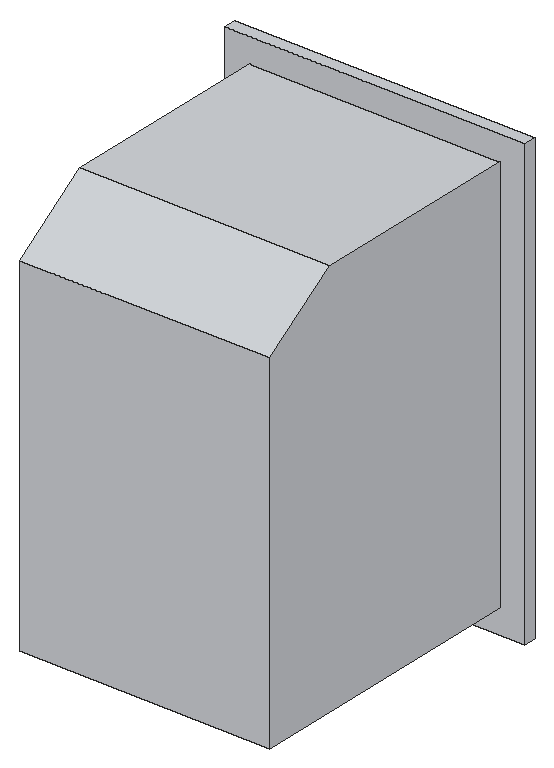
Revit family "01ebe4de4aad404ab7b241300139f286", category Air Terminals, Revit 2021
Family settings
  Round Connector Dimension = Use Diameter
  Part Type = Normal
  OmniClass Number = 23.75.70.21.27.17
  OmniClass Title = Intake and Relief Ventilators
  Seek Item ID = Intake Hood-0000-USA-ENU
  Work Plane-Based = No
  Always vertical = Yes
  Cut with Voids When Loaded = No
  Shared = No
  Room Calculation Point = No
Parameters (values of type "10"x16"")
  Width 1 = 0.25 * Hood Width  # 0' - 3"
  Duct Height = 10"
  Duct Width = 16"
  Flow [instance] = 1000 CFM
  Pressure Drop [instance] = 0.32 in-wg
  Offset 2 = 0' - 0 1/2"
  Offset 1 = 2 * Offset 2  # 0' - 1"
  Intake Hood Material = none
  Hood Width = 1' - 0"
  Height 1 = 1 / 8 * Duct Width  # 0' - 2"
  Default Elevation = 0' - 0"
Types (8): name | Width 1 | Duct Height | Duct Width | Flow | Pressure Drop | Hood Width | Height 1
  (no name) | 0' - 3" | 10" | 16" | 1000 CFM | 0.32 in-wg | 1' - 0" | 0' - 2"
  10"x16" | 0' - 3" | 10" | 16" | 1000 CFM | 0.32 in-wg | 1' - 0" | 0' - 2"
  19"x18" | 0' - 4 1/2" | 19" | 18" | 2200 CFM | 0.45 in-wg | 1' - 6" | 0' - 2 1/4"
  26"x26" | 0' - 4" | 26" | 26" | 4500 CFM | 0.45 in-wg | 1' - 4" | 0' - 3 1/4"
  28"x48" | 0' - 4" | 28" | 48" | 5500 CFM | 0.30 in-wg | 1' - 4" | 0' - 6"
  60"x25"-6000 CFM | 0' - 4" | 60" | 25" | 6000 CFM | 0.15 in-wg | 1' - 4" | 0' - 3 1/8"
  60"x25"-9000 CFM | 0' - 4" | 60" | 25" | 9000 CFM | 0.40 in-wg | 1' - 4" | 0' - 3 1/8"
  70"x30" | 0' - 4 3/8" | 70" | 30" | 12000 CFM | 0.45 in-wg | 1' - 5 1/2" | 0' - 3 3/4"
Reference planes (in)
  plane 1 "Center (Front/Back)": y = 0
  plane 2: z = 0
  plane 3 "Center (Left/Right)": x = 0
  plane 4: x = -5
  plane 5: x = 5
  plane 6: y = -12
  plane 7: y = -9
  plane 8: x = -6
  plane 9: x = 6
  plane 10: y = -0.5
  plane 11: z = 16
  plane 12: z = 14
  plane 13: z = -1
  plane 14: z = 17
Forms (in)
  Extrusion 1, solid, material <- "Intake Hood Material"
    sketch origin (0, 0, 0) x (0, 1, 0) y (0, 0, 1)
      loop
        line (-0.5, 16) -> (-9, 16) -> (-12, 14) -> (-12, 0) -> (-0.5, 0) -> (-0.5, 16)
    from -5 to 5
  Extrusion 2, solid, material <- "Intake Hood Material", detail levels medium+fine
    sketch origin (0, 0, 0) x (0, 1, 0) y (0, 0, 1)
      loop
        line (0, 17) -> (-0.5, 17) -> (-0.5, -1) -> (0, -1) -> (0, 17)
    from -6 to 6
Lines and regions (in)
  model lines, detail levels medium+fine
    curve 1: line (-5, -12, 11.66667) -> (5, -12, 11.66667)
    curve 2: line (-5, -12, 2.33333) -> (5, -12, 2.33333)
    curve 3: line (-5, -12, 9.33333) -> (5, -12, 9.33333)
    curve 4: line (-5, -12, 7) -> (5, -12, 7)
    curve 5: line (-5, -12, 4.66667) -> (5, -12, 4.66667)
Dimensions and locks (in)
  equal spacing: plane 4, plane 3 "Center (Left/Right)", plane 5
  "Duct Height": plane 4 to plane 5
  "Hood Width": plane 6 to plane 1 "Center (Front/Back)"
  "Width 1": plane 7 to plane 6
  "Offset 1": plane 8 to plane 4
  "Offset 1": plane 9 to plane 5
  "Offset 2": plane 1 "Center (Front/Back)" to plane 10
  "Duct Width": plane 11 to plane 2
  "Height 1": plane 11 to plane 12
  "Offset 1": plane 14 to plane 11
  "Offset 1": plane 2 to plane 13
  equal spacing: plane 12, curve 1, curve 3, curve 4, curve 5, curve 2, plane 2
  aligned and locked: Extrusion 1 sketch curve to plane 11
  aligned and locked: plane 2 to Extrusion 1 sketch curve
  aligned and locked: plane 7 to Extrusion 1 sketch curve
  aligned and locked: plane 6 to Extrusion 1 sketch curve
  aligned and locked: plane 12 to Extrusion 1 sketch curve
  aligned and locked: plane 11 to Extrusion 1 sketch curve
  aligned and locked: Extrusion 1 to plane 4
  aligned and locked: Extrusion 1 to plane 5
  aligned and locked: plane 1 "Center (Front/Back)" to Extrusion 2 sketch curve
  aligned and locked: plane 14 to Extrusion 2 sketch curve
  aligned and locked: plane 13 to Extrusion 2 sketch curve
  aligned and locked: Extrusion 2 sketch curve to plane 10
  aligned and locked: plane 8 to Extrusion 2
  aligned and locked: plane 9 to Extrusion 2
  aligned and locked: Extrusion 1 sketch curve to plane 10
Automatic sketch dimensions
  curve 3 to plane 5 = 0' - 0"
  curve 1 to plane 5 = 0' - 0"
  curve 4 to plane 5 = 0' - 0"
  curve 2 to plane 5 = 0' - 0"
  curve 5 to plane 5 = 0' - 0"
  curve 4 to plane 4 = 0' - 0"
  curve 2 to plane 4 = 0' - 0"
  curve 5 to plane 4 = 0' - 0"
  curve 1 to plane 4 = 0' - 0"
  curve 3 to plane 4 = 0' - 0"
Connectors (in)
  hvac at (0, 0, 8), driven by "Pressure Drop", driven by "Flow", driven by "Duct Height", driven by "Duct Width"
    settings: on Extrusion 2, index 1, duct flow 1000 CFM, flow factor 0, pres drop 0.32 in-wg, loss coef 0, conn angle 0.00°, conn width 16", conn height 10", conn diameter 24", duct sys type 2, conn prof type 1, flow config 1, flow direction 2, loss method 4, conn ref index -1, conn util no, is conn primary yes, conn desc ""
